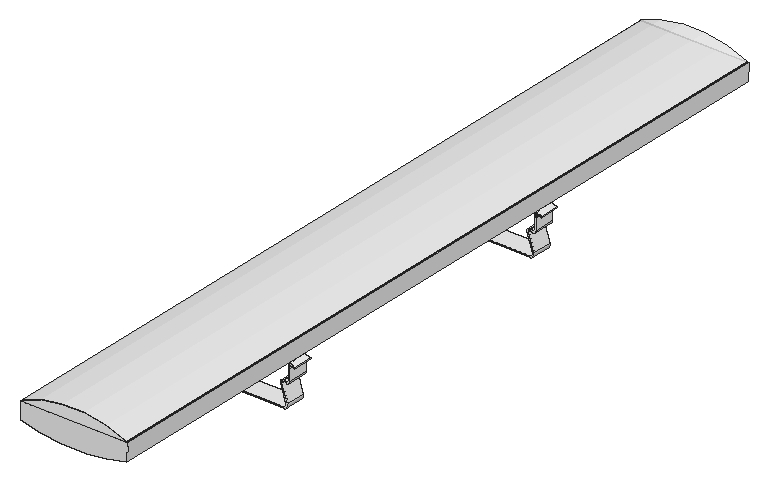
Revit family "Lighting-Industrial-GEWISS-SMART[3]PLUS-WATERTIGHT-LED_TRANSPARENT_800mm", category Apparecchi per illuminazione, host Superficie, Revit 2019
Family settings
  Host = Superficie
  Quota connettore circolare = Usa diametro
  Tipo di parte = Normale
  Taglio con vuoti quando caricato = No
  Sorgente d'illuminazione = Sì
  Condiviso = No
  Punto di calcolo locali = No
Parameters (values of type "GWS3123AT957 - SMART3 PLUS 800 T.W.DALI HE TRASP 9 57")
  Working temperature = "-25 +50 °C"
  Weight (kg): = ""
  Wattage = 27 W
  Warranty = "5 years"
  Voltage = "220-240 V "
  Visibilità simbolo [instance] = yes
  Visibilità pianta [instance] = not(Visibilità simbolo)  # no
  Visibilita_etichetta [instance] = yes
  Version file RFA = "20.0"
  Variazione temperatura colore lampada con luminosità attenuata = (empty or 0)
  URL = "https://www.gewiss.com/ww/en"
  Typology = "DALI"
  Type of light source = "LED - Not replaceable"
  Technical sheet = "https://www.gewiss.com/ww/en/search?q=GWS3123AT957"
  System power = "26 W"
  Shock resistance = "IK08"
  Shield type = "Transparent"
  SEO = "Ceiling"
  Realized by GEWISS S.p.A. = ""
  Operating temperature: = "-25 +50 °C"
  Numero poli = 2
  built-in parameter 1150107 = 5700 (stored number, unit not read)
  Struttura = GEWISS - SMART 3 - GRIGIO
  Stampa 1_200 = no
  Stampa 1_100 = not(Stampa 1_200)  # yes
  Spostamento_Y_etichetta [instance] = 0 mm
  Spostamento_Y_effettivo_etichetta [instance] = 1500 mm - Spostamento_Y_etichetta  # 1500 mm
  Spostamento_X_etichetta [instance] = 0 mm
  Spostamento_X_effettivo_etichetta [instance] = 1500 mm - Spostamento_X_etichetta  # 1500 mm
  Schermo. = Gewiss - Led Acceso
  Default Elevation = 1219.2 mm
  Produttore = "GEWISS S.p.A."
  built-in parameter 1150110 = 1 (stored number, unit not read)
  built-in parameter 1150109 = 1 (stored number, unit not read)
  built-in parameter 1114218 = 1 (stored number, unit not read)
  built-in parameter 1150112 = 1 (stored number, unit not read)
  Nominal flux (lm) = ""
  No. LED (#) = ""
  Modello = "GWS3123AT957"
  built-in parameter 1150137 = (empty or 0)
  built-in parameter 1150132 = (empty or 0)
  Lunghezza Lampada = 800 mm  # constant formula
  Lumen output (lm) = "3100"
  Length = "800 mm"
  Lampada = "LED"
  Lamp = "LED"
  LED LifeTime (L80B20) = ""
  LED Life time (L80B50) = ""
  LED Life time (L70) = ""
  LED Life Time (L90B50) = ""
  built-in parameter 1150105 = 1406.7 (stored number, unit not read)
  built-in parameter 1150102 = (empty or 0)
  Insulation class = "II"
  Immagine tipo = GWS3236TC.jpg
  built-in parameter 1150106 = 14.067 (stored number, unit not read)
  IP degree = "IP66/IP69"
  IFC.TypeObject = ""
  IFC.ExportType = ""
  IFC.ExportAs = ""
  IDT = "a7a40100-d365-495d-870d-5573c78dcb86"
  IDF = "d9498619-7e87-423a-8f78-a261baa5849d"
  Glow Wire Test = "850°C"
  Ganci = GEWISS  - ALLUMINIO
  Lumens = 4010.63 lm
  Color Filter = 16777215
  File diagramma fotometrico = "GWS3123AT957.IES"
  built-in parameter 1114217 = 1 (stored number, unit not read)
  built-in parameter 1150139 = (empty or 0)
  Failure rate apparecchio (50.000h, Tq=25Â° C) = ""
  Failure rate apparecchio (35.000h, Tq=35Â° C) = ""
  Emetti da lunghezza linea = 700 mm
  Electrocod = "2434"
  Efficiency class of integrated LEDs = "A ÷ A++"
  built-in parameter 1150104 = 13.8 (stored number, unit not read)
  EAN code = ""
  Driver type = ""
  built-in parameter 1150115 = 1 (stored number, unit not read)
  built-in parameter 1150114 = 1 (stored number, unit not read)
  built-in parameter 1150113 = 1 (stored number, unit not read)
  Device with reduced surface temperature = ""
  Descrizione = "SMART3 PLUS 800 T.W.DALI HE TRASP 9 57"
  D_simbolo = 128.545 mm
  Commenti sul wattaggio = "35W"
  Colour temperature: = "5700 K (CRI > 90)"
  Colour temperature = "5700 K (CRI > 90)"
  built-in parameter 1150134 = (empty or 0)
  built-in parameter 1150138 = (empty or 0)
  Catalogue Range = "SMART[3] PLUS"
  Catalogue = "LIGHTING"
  Carico apparente = 35 VA
  COBie.Tagnumber = ""
  COBie.CreatedOn = ""
  COBie.CreatebBy = ""
  COBie.ComponentRegisterItemID = ""
  COBie.Component.TagNumber = ""
  COBie.Component.Space = ""
  COBie.Component.SerialNumber = ""
  COBie.Component.InstallationDate = ""
  COBie.Component.Description = ""
  COBie.Component.BarCode = ""
  Application = "Indoor"
  Tilt Angle = -90.00°
  built-in parameter 1150133 = 10 (stored number, unit not read)
Types (24, lengths in mm): name | Typology | Technical sheet | System power | Modello | Lumen output (lm) | Immagine tipo | IDT | File diagramma fotometrico | Descrizione | D_simbolo | Commenti sul wattaggio | Colour temperature: | Colour temperature | Carico apparente
  GWS3120AT830 - SMART3 PLUS 800 ON/OFF HE TRASP 8 30 | "" | "https://www.gewiss.com/ww/en/search?q=GWS3120AT830" | "25 W" | "GWS3120AT830" | "3700" | GWS3118T.jpg | "a6fe8235-04c2-4e2c-b239-050baa2d943e" | "GWS3120AT830.IES" | "SMART3 PLUS 800 ON/OFF HE TRASP 8 30" | 150 | "15W" | "3000 K (CRI > 80)" | "3000 K (CRI > 80)" | 15 VA
  GWS3120AT840 - SMART3 PLUS 800 ON/OFF HE TRASP 8 40 | "" | "https://www.gewiss.com/ww/en/search?q=GWS3120AT840" | "25 W" | "GWS3120AT840" | "3900" | GWS3118T30K.jpg | "31031c67-3ece-42c6-9e78-712e8d5573a3" | "GWS3120AT840.IES" | "SMART3 PLUS 800 ON/OFF HE TRASP 8 40" | 128.545 | "15W" | "4000 K (CRI > 80)" | "4000 K (CRI > 80)" | 15 VA
  GWS3120AT857 - SMART3 PLUS 800 ON/OFF HE TRASP 8 57 | "" | "https://www.gewiss.com/ww/en/search?q=GWS3120AT857" | "25 W" | "GWS3120AT857" | "3900" | GWS3118T57K.jpg | "87c03e1c-39d0-4fea-99e3-36d0dd80df9a" | "GWS3120AT857.IES" | "SMART3 PLUS 800 ON/OFF HE TRASP 8 57" | 128.545 | "15W" | "5700 K (CRI > 80)" | "5700 K (CRI > 80)" | 15 VA
  GWS3120AT957 - SMART3 PLUS 800 ON/OFF HE TRASP 9 57 | "" | "https://www.gewiss.com/ww/en/search?q=GWS3120AT957" | "25 W" | "GWS3120AT957" | "3100" | GWS3218T.jpg | "376f2240-7928-4304-8ee8-6b30937b8570" | "GWS3120AT957.IES" | "SMART3 PLUS 800 ON/OFF HE TRASP 9 57" | 128.545 | "26W" | "5700 K (CRI > 90)" | "5700 K (CRI > 90)" | 26 VA
  GWS3121AT830 - SMART3 PLUS 800 DALI HE TRASP 8 30 | "DALI" | "https://www.gewiss.com/ww/en/search?q=GWS3121AT830" | "26 W" | "GWS3121AT830" | "3700" | GWS3218T30K.jpg | "40040d5d-e7c3-414e-beb1-d82b1a3f305c" | "GWS3121AT830.IES" | "SMART3 PLUS 800 DALI HE TRASP 8 30" | 128.545 | "26W" | "3000 K (CRI > 80)" | "3000 K (CRI > 80)" | 26 VA
  GWS3121AT840 - SMART3 PLUS 800 DALI HE TRASP 8 40 | "DALI" | "https://www.gewiss.com/ww/en/search?q=GWS3121AT840" | "26 W" | "GWS3121AT840" | "3900" | GWS3218T57K.jpg | "b15cbee4-18f3-4bad-a364-a41863a21c8b" | "GWS3121AT840.IES" | "SMART3 PLUS 800 DALI HE TRASP 8 40" | 128.545 | "26W" | "4000 K (CRI > 80)" | "4000 K (CRI > 80)" | 26 VA
  GWS3120AT930 - SMART3 PLUS 800 ON/OFF HE TRASP 9 30 | "" | "https://www.gewiss.com/ww/en/search?q=GWS3120AT930" | "25 W" | "GWS3120AT930" | "2900" | GWS3118TD30K.jpg | "ccb922e3-1790-463d-b7a4-f72926e0e26d" | "GWS3120AT930.IES" | "SMART3 PLUS 800 ON/OFF HE TRASP 9 30" | 128.545 | "18W" | "3000 K (CRI > 90)" | "3000 K (CRI > 90)" | 18 VA
  GWS3120AT940 - SMART3 PLUS 800 ON/OFF HE TRASP 9 40 | "" | "https://www.gewiss.com/ww/en/search?q=GWS3120AT940" | "25 W" | "GWS3120AT940" | "3100" | GWS3118TD57K.jpg | "6c63370c-6ad0-4211-aee6-e0aea1ea31d3" | "GWS3120AT940.IES" | "SMART3 PLUS 800 ON/OFF HE TRASP 9 40" | 128.545 | "18W" | "4000 K (CRI > 90)" | "4000 K (CRI > 90)" | 18 VA
  GWS3121AT930 - SMART3 PLUS 800 DALI HE TRASP 9 30 | "DALI" | "https://www.gewiss.com/ww/en/search?q=GWS3121AT930" | "26 W" | "GWS3121AT930" | "2900" | GWS3218TD.jpg | "82d811b6-2af1-4f18-bb23-1a8b3a58a5ef" | "GWS3121AT930.IES" | "SMART3 PLUS 800 DALI HE TRASP 9 30" | 128.545 | "27W" | "3000 K (CRI > 90)" | "3000 K (CRI > 90)" | 27 VA
  GWS3121AT857 - SMART3 PLUS 800 DALI HE TRASP 8 57 | "DALI" | "https://www.gewiss.com/ww/en/search?q=GWS3121AT857" | "26 W" | "GWS3121AT857" | "3900" | GWS3218TD30K.jpg | "1764fd3f-21c9-4a37-a5f1-89995dd3feee" | "GWS3121AT857.IES" | "SMART3 PLUS 800 DALI HE TRASP 8 57" | 128.545 | "27W" | "5700 K (CRI > 80)" | "5700 K (CRI > 80)" | 27 VA
  GWS3121AT940 - SMART3 PLUS 800 DALI HE TRASP 9 40 | "DALI" | "https://www.gewiss.com/ww/en/search?q=GWS3121AT940" | "26 W" | "GWS3121AT940" | "3100" | GWS3218TD57K.jpg | "3b598cfe-338b-4796-a962-cfbf75ff9cd0" | "GWS3121AT940.IES" | "SMART3 PLUS 800 DALI HE TRASP 9 40" | 128.545 | "27W" | "4000 K (CRI > 90)" | "4000 K (CRI > 90)" | 27 VA
  GWS3121AT957 - SMART3 PLUS 800 DALI HE TRASP 9 57 | "DALI" | "https://www.gewiss.com/ww/en/search?q=GWS3121AT957" | "26 W" | "GWS3121AT957" | "3100" | GWS3236TC.jpg | "7e03bbc3-ff8d-4398-8221-30efe948833e" | "GWS3121AT957.IES" | "SMART3 PLUS 800 DALI HE TRASP 9 57" | 128.545 | "35W" | "5700 K (CRI > 90)" | "5700 K (CRI > 90)" | 35 VA
  GWS3122AT830 - SMART3 PLUS 800 T.W.ON/OFF HE TRASP 8 30 | "" | "https://www.gewiss.com/ww/en/search?q=GWS3122AT830" | "25 W" | "GWS3122AT830" | "3700" | GWS3236TC.jpg | "20d84ef7-80bc-4729-b988-58c8c708f4cc" | "GWS3122AT830.IES" | "SMART3 PLUS 800 T.W.ON/OFF HE TRASP 8 30" | 128.545 | "35W" | "3000 K (CRI > 80)" | "3000 K (CRI > 80)" | 35 VA
  GWS3122AT840 - SMART3 PLUS 800 T.W.ON/OFF HE TRASP 8 40 | "" | "https://www.gewiss.com/ww/en/search?q=GWS3122AT840" | "25 W" | "GWS3122AT840" | "3900" | GWS3236TC.jpg | "e4470ab1-9454-4ad5-9d22-49c0d0c4e6e8" | "GWS3122AT840.IES" | "SMART3 PLUS 800 T.W.ON/OFF HE TRASP 8 40" | 128.545 | "35W" | "4000 K (CRI > 80)" | "4000 K (CRI > 80)" | 35 VA
  GWS3122AT857 - SMART3 PLUS 800 T.W.ON/OFF HE TRASP 8 57 | "" | "https://www.gewiss.com/ww/en/search?q=GWS3122AT857" | "25 W" | "GWS3122AT857" | "3900" | GWS3236TC.jpg | "6ee1a39a-5677-4294-b868-90c6ff03a835" | "GWS3122AT857.IES" | "SMART3 PLUS 800 T.W.ON/OFF HE TRASP 8 57" | 128.545 | "35W" | "5700 K (CRI > 80)" | "5700 K (CRI > 80)" | 35 VA
  GWS3122AT930 - SMART3 PLUS 800 T.W.ON/OFF HE TRASP 9 30 | "" | "https://www.gewiss.com/ww/en/search?q=GWS3122AT930" | "25 W" | "GWS3122AT930" | "2900" | GWS3236TC.jpg | "6865c886-efc7-48ca-a871-b242f317a99c" | "GWS3122AT930.IES" | "SMART3 PLUS 800 T.W.ON/OFF HE TRASP 9 30" | 128.545 | "35W" | "3000 K (CRI > 90)" | "3000 K (CRI > 90)" | 35 VA
  GWS3122AT940 - SMART3 PLUS 800 T.W.ON/OFF HE TRASP 9 40 | "" | "https://www.gewiss.com/ww/en/search?q=GWS3122AT940" | "25 W" | "GWS3122AT940" | "3100" | GWS3236TC.jpg | "78905fa9-9ac2-46ea-a208-1dff689d54ac" | "GWS3122AT940.IES" | "SMART3 PLUS 800 T.W.ON/OFF HE TRASP 9 40" | 128.545 | "35W" | "4000 K (CRI > 90)" | "4000 K (CRI > 90)" | 35 VA
  GWS3122AT957 - SMART3 PLUS 800 T.W.ON/OFF HE TRASP 9 57 | "" | "https://www.gewiss.com/ww/en/search?q=GWS3122AT957" | "25 W" | "GWS3122AT957" | "3100" | GWS3236TC.jpg | "d09a2876-dd0e-4098-9731-692acce1bb28" | "GWS3122AT957.IES" | "SMART3 PLUS 800 T.W.ON/OFF HE TRASP 9 57" | 128.545 | "35W" | "5700 K (CRI > 90)" | "5700 K (CRI > 90)" | 35 VA
  GWS3123AT830 - SMART3 PLUS 800 T.W.DALI HE TRASP 8 30 | "DALI" | "https://www.gewiss.com/ww/en/search?q=GWS3123AT830" | "26 W" | "GWS3123AT830" | "3700" | GWS3236TC.jpg | "f1c13237-80cf-46b9-902d-5fb2799dc647" | "GWS3123AT830.IES" | "SMART3 PLUS 800 T.W.DALI HE TRASP 8 30" | 128.545 | "35W" | "3000 K (CRI > 80)" | "3000 K (CRI > 80)" | 35 VA
  GWS3123AT840 - SMART3 PLUS 800 T.W.DALI HE TRASP 8 40 | "DALI" | "https://www.gewiss.com/ww/en/search?q=GWS3123AT840" | "26 W" | "GWS3123AT840" | "3900" | GWS3236TC.jpg | "76e3c34f-cb34-40ee-95ba-7c5db8932a4a" | "GWS3123AT840.IES" | "SMART3 PLUS 800 T.W.DALI HE TRASP 8 40" | 128.545 | "35W" | "4000 K (CRI > 80)" | "4000 K (CRI > 80)" | 35 VA
  GWS3123AT857 - SMART3 PLUS 800 T.W.DALI HE TRASP 8 57 | "DALI" | "https://www.gewiss.com/ww/en/search?q=GWS3123AT857" | "26 W" | "GWS3123AT857" | "3900" | GWS3236TC.jpg | "a17ae93b-b191-41b2-bbdf-d0620dd97fbb" | "GWS3123AT857.IES" | "SMART3 PLUS 800 T.W.DALI HE TRASP 8 57" | 128.545 | "35W" | "5700 K (CRI > 80)" | "5700 K (CRI > 80)" | 35 VA
  GWS3123AT930 - SMART3 PLUS 800 T.W.DALI HE TRASP 9 30 | "DALI" | "https://www.gewiss.com/ww/en/search?q=GWS3123AT930" | "26 W" | "GWS3123AT930" | "2900" | GWS3236TC.jpg | "a2f6e6df-babf-4b49-9b4b-f2c6c040c9b9" | "GWS3123AT930.IES" | "SMART3 PLUS 800 T.W.DALI HE TRASP 9 30" | 128.545 | "35W" | "3000 K (CRI > 90)" | "3000 K (CRI > 90)" | 35 VA
  GWS3123AT940 - SMART3 PLUS 800 T.W.DALI HE TRASP 9 40 | "DALI" | "https://www.gewiss.com/ww/en/search?q=GWS3123AT940" | "26 W" | "GWS3123AT940" | "3100" | GWS3236TC.jpg | "76c526ca-4404-4c06-bc31-2b643f886f91" | "GWS3123AT940.IES" | "SMART3 PLUS 800 T.W.DALI HE TRASP 9 40" | 128.545 | "35W" | "4000 K (CRI > 90)" | "4000 K (CRI > 90)" | 35 VA
  GWS3123AT957 - SMART3 PLUS 800 T.W.DALI HE TRASP 9 57 | "DALI" | "https://www.gewiss.com/ww/en/search?q=GWS3123AT957" | "26 W" | "GWS3123AT957" | "3100" | GWS3236TC.jpg | "a7a40100-d365-495d-870d-5573c78dcb86" | "GWS3123AT957.IES" | "SMART3 PLUS 800 T.W.DALI HE TRASP 9 57" | 128.545 | "35W" | "5700 K (CRI > 90)" | "5700 K (CRI > 90)" | 35 VA
Reference planes
  plane 1 "Centro (Fronte/Retro)": y = 0
  plane 2: z = 0
  plane 3 "Centro (Sinistra/Destra)": x = 0
  plane 4: x = -1500
  plane 5: y = -1500
  plane 6: x = 0
  plane 7: y = 0
Forms (mm)
  Extrusion 1, solid, material "GEWISS  - ALLUMINIO" <- "Ganci", detail levels medium+fine
    sketch origin (0, 0, 0) x (1, 0, 0) y (0, 0, 1)
      loop
        arc (31.431, -0.002) -> (34.576, 1.589) -> (35.156, 5.066) r 3.903
        line (35.156, 5.066) -> (29.612, 23.211)
        arc (29.612, 23.211) -> (29.883, 24.381) -> (31.032, 24.73) r 1.2
        line (31.032, 24.73) -> (34.307, 23.974)
        arc (34.307, 23.974) -> (36.765, 24.53) -> (37.859, 26.8) r 2.9
        line (37.859, 26.8) -> (37.859, 38.8)
        arc (37.859, 38.8) -> (37.648, 39.694) -> (37.059, 40.4) r 2
        line (37.059, 40.4) -> (37.059, 42.71) -> (42.861, 40.598) -> (43.203, 41.538) -> (37.53, 43.603)
        arc (37.53, 43.603) -> (37.019, 43.613) -> (36.605, 43.311) r 0.8
        line (36.605, 43.311) -> (36.306, 26.139)
        arc (36.306, 26.139) -> (35.6, 25.444) -> (34.616, 25.34) r 1.5
        line (34.616, 25.34) -> (31.344, 26.095)
        arc (31.344, 26.095) -> (28.858, 25.335) -> (28.273, 22.802) r 2.6
        line (28.273, 22.802) -> (33.827, 4.636)
        arc (33.827, 4.636) -> (33.449, 2.415) -> (31.438, 1.4) r 2.5
        line (31.438, 1.4) -> (-31.437, 1.4)
        arc (-31.437, 1.4) -> (-33.449, 2.415) -> (-33.827, 4.636) r 2.5
        line (-33.827, 4.636) -> (-28.273, 22.802)
        arc (-28.273, 22.802) -> (-28.858, 25.335) -> (-31.344, 26.095) r 2.6
        line (-31.344, 26.095) -> (-34.616, 25.34)
        arc (-34.616, 25.34) -> (-35.6, 25.444) -> (-36.306, 26.139) r 1.5
        line (-36.306, 26.139) -> (-36.605, 43.311)
        arc (-36.605, 43.311) -> (-37.019, 43.613) -> (-37.53, 43.603) r 0.8
        line (-37.53, 43.603) -> (-43.203, 41.538) -> (-42.861, 40.598) -> (-37.059, 42.71) -> (-37.059, 40.4)
        arc (-37.059, 40.4) -> (-37.648, 39.694) -> (-37.859, 38.8) r 2
        line (-37.859, 38.8) -> (-37.859, 26.8)
        arc (-37.859, 26.8) -> (-36.765, 24.53) -> (-34.307, 23.974) r 2.9
        line (-34.307, 23.974) -> (-31.032, 24.73)
        arc (-31.032, 24.73) -> (-29.883, 24.381) -> (-29.612, 23.211) r 1.2
        line (-29.612, 23.211) -> (-35.156, 5.066)
        arc (-35.156, 5.066) -> (-34.576, 1.589) -> (-31.431, -0.002) r 3.903
        line (-31.431, -0.002) -> (31.431, -0.002)
    from 148.766 to 168.766
  Extrusion 2, solid, material "GEWISS  - ALLUMINIO" <- "Ganci", detail levels medium+fine
    sketch origin (0, 0, 0) x (1, 0, 0) y (0, 0, -1)
      loop
        line (31.431, 0.002) -> (-31.431, 0.002)
        arc (-31.431, 0.002) -> (-34.576, -1.589) -> (-35.156, -5.066) r 3.903
        line (-35.156, -5.066) -> (-29.612, -23.211)
        arc (-29.612, -23.211) -> (-29.883, -24.381) -> (-31.032, -24.73) r 1.2
        line (-31.032, -24.73) -> (-34.307, -23.974)
        arc (-34.307, -23.974) -> (-36.765, -24.53) -> (-37.859, -26.8) r 2.9
        line (-37.859, -26.8) -> (-37.859, -38.8)
        arc (-37.859, -38.8) -> (-37.648, -39.694) -> (-37.059, -40.4) r 2
        line (-37.059, -40.4) -> (-37.059, -42.71) -> (-42.861, -40.598) -> (-43.203, -41.538) -> (-37.53, -43.603)
        arc (-37.53, -43.603) -> (-37.019, -43.613) -> (-36.605, -43.311) r 0.8
        line (-36.605, -43.311) -> (-36.306, -26.139)
        arc (-36.306, -26.139) -> (-35.6, -25.444) -> (-34.616, -25.34) r 1.5
        line (-34.616, -25.34) -> (-31.344, -26.095)
        arc (-31.344, -26.095) -> (-28.858, -25.335) -> (-28.273, -22.802) r 2.6
        line (-28.273, -22.802) -> (-33.827, -4.636)
        arc (-33.827, -4.636) -> (-33.449, -2.415) -> (-31.437, -1.4) r 2.5
        line (-31.437, -1.4) -> (31.438, -1.4)
        arc (31.438, -1.4) -> (33.449, -2.415) -> (33.827, -4.636) r 2.5
        line (33.827, -4.636) -> (28.273, -22.802)
        arc (28.273, -22.802) -> (28.858, -25.335) -> (31.344, -26.095) r 2.6
        line (31.344, -26.095) -> (34.616, -25.34)
        arc (34.616, -25.34) -> (35.6, -25.444) -> (36.306, -26.139) r 1.5
        line (36.306, -26.139) -> (36.605, -43.311)
        arc (36.605, -43.311) -> (37.019, -43.613) -> (37.53, -43.603) r 0.8
        line (37.53, -43.603) -> (43.203, -41.538) -> (42.861, -40.598) -> (37.059, -42.71) -> (37.059, -40.4)
        arc (37.059, -40.4) -> (37.648, -39.694) -> (37.859, -38.8) r 2
        line (37.859, -38.8) -> (37.859, -26.8)
        arc (37.859, -26.8) -> (36.765, -24.53) -> (34.307, -23.974) r 2.9
        line (34.307, -23.974) -> (31.032, -24.73)
        arc (31.032, -24.73) -> (29.883, -24.381) -> (29.612, -23.211) r 1.2
        line (29.612, -23.211) -> (35.156, -5.066)
        arc (35.156, -5.066) -> (34.576, -1.589) -> (31.431, 0.002) r 3.903
    from 148.766 to 168.766
  Extrusion 3, solid, material "GEWISS - SMART 3 - GRIGIO" <- "Struttura", visible <- "Visibilità pianta", detail levels medium+fine
    sketch origin (0, 0, 0) x (1, 0, 0) y (0, 0, 1)
      loop
        line (-36.331, 55.757) -> (-35.847, 28.018)
        arc (-35.847, 28.018) -> (-33.139, 27.27) -> (-30.416, 26.58) r 129.5
        arc (-30.416, 26.58) -> (-28.066, 25.76) -> (-25.915, 24.506) r 13
        arc (-25.915, 24.506) -> (-24.23, 23.324) -> (-22.521, 22.178) r 99.5
        arc (-22.521, 22.178) -> (-16.401, 19.063) -> (-9.748, 17.365) r 31.146
        line (-9.748, 17.365) -> (12.491, 17.365)
        arc (12.491, 17.365) -> (17.822, 19.098) -> (22.764, 21.745) r 31.646
        arc (22.764, 21.745) -> (24.509, 22.915) -> (26.228, 24.122) r 100
        arc (26.228, 24.122) -> (28.283, 25.313) -> (30.525, 26.095) r 12.5
        arc (30.525, 26.095) -> (33.437, 26.834) -> (36.332, 27.64) r 130
        line (36.332, 27.64) -> (36.824, 55.851)
        arc (36.824, 55.851) -> (24.914, 53.937) -> (12.909, 52.764) r 195.047
        line (12.909, 52.764) -> (-12.909, 52.764)
        arc (-12.909, 52.764) -> (-24.665, 53.905) -> (-36.331, 55.757) r 195.047
    from -250 to 250
  Extrusion 4, solid, material "GEWISS - SMART 3 - GRIGIO" <- "Struttura", detail levels medium+fine
    sketch origin (0, 0, 0) x (1, 0, 0) y (0, 0, 1)
      loop
        line (54.725, 60.184) -> (55.177, 77.445) -> (-55.177, 77.445) -> (-54.725, 60.184)
        arc (-54.725, 60.184) -> (-34.019, 55.332) -> (-12.909, 52.764) r 195.047
        line (-12.909, 52.764) -> (12.909, 52.764)
        arc (12.909, 52.764) -> (34.019, 55.332) -> (54.725, 60.184) r 195.047
    from -400 to 400
  Extrusion 5, solid, material "Gewiss - Led Acceso" <- "Schermo.", detail levels medium+fine
    sketch origin (0, 0, 0) x (1, 0, 0) y (0, 0, 1)
      loop
        arc (54.697, 78.441) -> (-0.014, 90.457) -> (-54.723, 78.429) r 130.5
        arc (-54.723, 78.429) -> (-54.988, 77.838) -> (-54.5, 77.445) r 0.5
        line (-54.5, 77.445) -> (54.479, 77.445)
        arc (54.479, 77.445) -> (54.988, 77.855) -> (54.697, 78.441) r 0.522
    from -400 to 400
  Extrusion 6, solid, material "GEWISS - SMART 3 - GRIGIO" <- "Struttura", detail levels coarse
    sketch origin (0, 0, 0) x (1, 0, 0) y (0, 0, 1)
      loop
        line (-54.5, 90.439) -> (-54.5, 0) -> (54.5, 0) -> (54.5, 90.439) -> (-54.5, 90.439)
    from -400 to 400
Lines and regions (mm)
  Masking region 1, visible <- "Visibilità pianta"
    outline origin (0, 0, 0) x (1, 0, 0) y (0, 1, 0)
      loop
        line (-55.177, 400) -> (-55.177, -400) -> (55.177, -400) -> (55.177, 400) -> (-55.177, 400)
  model lines, style "GEWISS - LIGHT 2D", not visible
    curve 1: arc (658.224, 441.447, 0) -> (657.902, 441.529, 0) -> (657.571, 441.558, 0) r 1.999
    curve 2: arc (659.744, 439.503, 0) -> (659.172, 440.906, 0) -> (657.781, 441.505, 0) r 1.998
    curve 3: arc (549.391, -356.494, 0) -> (549.963, -357.897, 0) -> (551.356, -358.495, 0) r 1.998
    curve 4: arc (657.744, -358.495, 0) -> (659.181, -357.627, 0) -> (659.745, -356.046, 0) r 2.5
    curve 5: arc (551.891, 441.558, 0) -> (550.123, 440.825, 0) -> (549.391, 439.058, 0) r 2.5
    curve 6: line (657.571, 441.558, 0) -> (604.567, 441.558, 0)
    curve 7: line (604.567, 441.558, 0) -> (551.891, 441.558, 0)
    curve 8: line (551.356, -358.495, 0) -> (604.568, -358.495, 0)
    curve 9: line (604.568, -358.495, 0) -> (657.744, -358.495, 0)
    curve 10: line (659.745, -356.046, 0) -> (659.745, 439.503, 0)
    curve 11: line (657.781, 441.505, 0) -> (604.567, 441.505, 0)
    curve 12: line (549.391, -356.494, 0) -> (549.391, 439.058, 0)
    curve 13: line (604.569, 276.529, 0) -> (604.569, -193.52, 0)
Dimensions and locks
  plane 4 to plane 3 "Centro (Sinistra/Destra)" = 1500 mm
  "Spostamento_X_effettivo_etichetta": plane 4 to plane 6
  "Spostamento_Y_effettivo_etichetta": plane 7 to plane 5
  plane 1 "Centro (Fronte/Retro)" to plane 5 = 1500 mm
  aligned and locked: plane 2 to host face
  aligned and locked: level to host face
  aligned and locked: plane 6 to nested 1
  aligned and locked: nested 1 to plane 7
  aligned and locked: Masking region 1 sketch curve to Extrusion 4  (x4)
  aligned and locked: plane 3 "Centro (Sinistra/Destra)" to nested 2
  aligned and locked: nested 2 to plane 1 "Centro (Fronte/Retro)"
Automatic sketch dimensions
  host sketch curve to host sketch curve = 2438.4 mm  (x2)
  Extrusion 1 sketch curve to Extrusion 1 sketch curve = 0 mm  (x28)
  Extrusion 1 sketch curve to plane 3 "Centro (Sinistra/Destra)" = 43.203 mm
  level to Extrusion 1 sketch curve = 40.598 mm
  Extrusion 1 sketch curve to Extrusion 1 sketch curve = 0.342 mm  (x2)
  Extrusion 1 sketch curve to Extrusion 1 sketch curve = 5.002 mm  (x2)
  Extrusion 1 sketch curve to Extrusion 1 sketch curve = 0.329 mm
  Extrusion 1 sketch curve to Extrusion 1 sketch curve = 0.271 mm  (x2)
  Extrusion 1 sketch curve to Extrusion 1 sketch curve = 0.8 mm  (x2)
  Extrusion 1 sketch curve to Extrusion 1 sketch curve = 0.454 mm  (x2)
  Extrusion 1 sketch curve to Extrusion 1 sketch curve = 1.554 mm
  Extrusion 1 sketch curve to Extrusion 1 sketch curve = 2 mm
  level to Extrusion 1 sketch curve = 5.066 mm  (x2)
  Extrusion 1 sketch curve to Extrusion 1 sketch curve = 1.15 mm
  Extrusion 1 sketch curve to Extrusion 1 sketch curve = 1.346 mm  (x2)
  Extrusion 1 sketch curve to Extrusion 1 sketch curve = 0.343 mm  (x2)
  level to Extrusion 1 sketch curve = 4.636 mm  (x2)
  Extrusion 1 sketch curve to Extrusion 1 sketch curve = 1.329 mm  (x2)
  level to Extrusion 1 sketch curve = 1.4 mm
  Extrusion 1 sketch curve to Extrusion 1 sketch curve = 2.389 mm  (x2)
  Extrusion 1 sketch curve to Extrusion 1 sketch curve = 0.007 mm  (x2)
  Extrusion 1 sketch curve to Extrusion 1 sketch curve = 3.584 mm  (x2)
  Extrusion 1 sketch curve to Extrusion 1 sketch curve = 0.273 mm  (x2)
  plane 3 "Centro (Sinistra/Destra)" to Extrusion 1 sketch curve = 30.759 mm
  Extrusion 1 sketch curve to level = 0.002 mm
  Extrusion 1 sketch curve to Extrusion 1 sketch curve = 0.672 mm
  Extrusion 1 sketch curve to Extrusion 1 sketch curve = 0.9 mm
  level to Extrusion 1 sketch curve = 26.139 mm
  Extrusion 1 sketch curve to Extrusion 1 sketch curve = 0.746 mm
  Extrusion 1 sketch curve to Extrusion 1 sketch curve = 0.2 mm
  Extrusion 1 sketch curve to Extrusion 1 sketch curve = 2.577 mm
  Extrusion 1 sketch curve to Extrusion 1 sketch curve = 18.496 mm
  Extrusion 1 sketch curve to Extrusion 1 sketch curve = 1.169 mm  (x2)
  Extrusion 1 sketch curve to Extrusion 1 sketch curve = 0.799 mm  (x2)
  Extrusion 1 sketch curve to Extrusion 1 sketch curve = 0.609 mm
  Extrusion 1 sketch curve to Extrusion 1 sketch curve = 1.798 mm  (x2)
  Extrusion 1 sketch curve to Extrusion 1 sketch curve = 12 mm
  Extrusion 1 sketch curve to Extrusion 1 sketch curve = 0.94 mm  (x2)
  Extrusion 1 sketch curve to Extrusion 1 sketch curve = 0.14 mm  (x2)
  Extrusion 1 sketch curve to Extrusion 1 sketch curve = 0.309 mm  (x2)
  Extrusion 1 sketch curve to Extrusion 1 sketch curve = 0.312 mm  (x2)
  Extrusion 1 sketch curve to Extrusion 1 sketch curve = 1.148 mm  (x2)
  Extrusion 1 sketch curve to Extrusion 1 sketch curve = 1.339 mm
  Extrusion 1 sketch curve to Extrusion 1 sketch curve = 2.486 mm
  Extrusion 1 sketch curve to Extrusion 1 sketch curve = 0.409 mm  (x2)
  Extrusion 2 sketch curve to Extrusion 2 sketch curve = 0 mm  (x28)
  Extrusion 2 sketch curve to plane 3 "Centro (Sinistra/Destra)" = 43.203 mm
  level to Extrusion 2 sketch curve = 40.598 mm
  Extrusion 2 sketch curve to Extrusion 2 sketch curve = 0.342 mm  (x2)
  Extrusion 2 sketch curve to Extrusion 2 sketch curve = 5.002 mm  (x2)
  Extrusion 2 sketch curve to Extrusion 2 sketch curve = 0.329 mm
  Extrusion 2 sketch curve to Extrusion 2 sketch curve = 0.271 mm  (x2)
  Extrusion 2 sketch curve to Extrusion 2 sketch curve = 0.8 mm  (x2)
  Extrusion 2 sketch curve to Extrusion 2 sketch curve = 0.454 mm  (x2)
  Extrusion 2 sketch curve to Extrusion 2 sketch curve = 1.554 mm
  Extrusion 2 sketch curve to Extrusion 2 sketch curve = 2 mm
  level to Extrusion 2 sketch curve = 5.066 mm  (x2)
  Extrusion 2 sketch curve to Extrusion 2 sketch curve = 1.15 mm
  Extrusion 2 sketch curve to Extrusion 2 sketch curve = 1.346 mm  (x2)
  Extrusion 2 sketch curve to Extrusion 2 sketch curve = 0.343 mm  (x2)
  level to Extrusion 2 sketch curve = 4.636 mm  (x2)
  Extrusion 2 sketch curve to Extrusion 2 sketch curve = 1.329 mm  (x2)
  level to Extrusion 2 sketch curve = 1.4 mm
  Extrusion 2 sketch curve to Extrusion 2 sketch curve = 2.389 mm  (x2)
  Extrusion 2 sketch curve to Extrusion 2 sketch curve = 0.007 mm  (x2)
  Extrusion 2 sketch curve to Extrusion 2 sketch curve = 3.584 mm  (x2)
  Extrusion 2 sketch curve to Extrusion 2 sketch curve = 0.273 mm  (x2)
  plane 3 "Centro (Sinistra/Destra)" to Extrusion 2 sketch curve = 30.759 mm
  Extrusion 2 sketch curve to level = 0.002 mm
  Extrusion 2 sketch curve to Extrusion 2 sketch curve = 0.672 mm
  Extrusion 2 sketch curve to Extrusion 2 sketch curve = 0.9 mm
  level to Extrusion 2 sketch curve = 26.139 mm
  Extrusion 2 sketch curve to Extrusion 2 sketch curve = 0.746 mm
  Extrusion 2 sketch curve to Extrusion 2 sketch curve = 0.2 mm
  Extrusion 2 sketch curve to Extrusion 2 sketch curve = 14.46 mm
  Extrusion 2 sketch curve to Extrusion 2 sketch curve = 0.94 mm  (x2)
  Extrusion 2 sketch curve to Extrusion 2 sketch curve = 0.14 mm  (x2)
  Extrusion 2 sketch curve to Extrusion 2 sketch curve = 2.31 mm  (x2)
  Extrusion 2 sketch curve to Extrusion 2 sketch curve = 12 mm
  Extrusion 2 sketch curve to Extrusion 2 sketch curve = 0.661 mm  (x2)
  Extrusion 2 sketch curve to Extrusion 2 sketch curve = 0.609 mm  (x2)
  Extrusion 2 sketch curve to Extrusion 2 sketch curve = 1.169 mm  (x2)
  Extrusion 2 sketch curve to Extrusion 2 sketch curve = 0.309 mm  (x2)
  Extrusion 2 sketch curve to Extrusion 2 sketch curve = 0.312 mm  (x2)
  Extrusion 2 sketch curve to Extrusion 2 sketch curve = 1.148 mm  (x2)
  Extrusion 2 sketch curve to Extrusion 2 sketch curve = 1.339 mm
  Extrusion 2 sketch curve to Extrusion 2 sketch curve = 2.486 mm
  Extrusion 2 sketch curve to Extrusion 2 sketch curve = 1.365 mm  (x2)
  Extrusion 3 sketch curve to plane 3 "Centro (Sinistra/Destra)" = 36.331 mm
  Extrusion 3 sketch curve to Extrusion 3 sketch curve = 0.484 mm
  Extrusion 3 sketch curve to Extrusion 3 sketch curve = 2.34 mm
  Extrusion 3 sketch curve to plane 3 "Centro (Sinistra/Destra)" = 32.068 mm
  Extrusion 3 sketch curve to plane 3 "Centro (Sinistra/Destra)" = 12.909 mm
  Extrusion 3 sketch curve to plane 3 "Centro (Sinistra/Destra)" = 9.748 mm
  Extrusion 3 sketch curve to plane 3 "Centro (Sinistra/Destra)" = 5.421 mm
  Extrusion 3 sketch curve to plane 3 "Centro (Sinistra/Destra)" = 0.057 mm
  Extrusion 3 sketch curve to plane 3 "Centro (Sinistra/Destra)" = 0.007 mm
  Extrusion 3 sketch curve to plane 3 "Centro (Sinistra/Destra)" = 0.001 mm
  plane 3 "Centro (Sinistra/Destra)" to Extrusion 3 sketch curve = 0.057 mm
  plane 3 "Centro (Sinistra/Destra)" to Extrusion 3 sketch curve = 5.412 mm
  plane 3 "Centro (Sinistra/Destra)" to Extrusion 3 sketch curve = 12.491 mm
  Extrusion 3 sketch curve to Extrusion 3 sketch curve = 7.496 mm
  plane 3 "Centro (Sinistra/Destra)" to Extrusion 3 sketch curve = 32.059 mm
  Extrusion 3 sketch curve to Extrusion 3 sketch curve = 21.008 mm
  Extrusion 3 sketch curve to Extrusion 3 sketch curve = 2.833 mm
  Extrusion 3 sketch curve to Extrusion 3 sketch curve = 23.916 mm
  level to Extrusion 3 sketch curve = 13.953 mm  (x2)
  level to Extrusion 3 sketch curve = 17.365 mm  (x2)
  Extrusion 3 sketch curve to Extrusion 3 sketch curve = 13.687 mm
  Extrusion 3 sketch curve to Extrusion 3 sketch curve = 14.064 mm
  Extrusion 3 sketch curve to Extrusion 3 sketch curve = 30.844 mm
  Extrusion 3 sketch curve to Extrusion 3 sketch curve = 0 mm  (x3)
  Extrusion 3 sketch curve to Extrusion 3 sketch curve = 4.555 mm
  Extrusion 3 sketch curve to Extrusion 3 sketch curve = 2.993 mm
  Extrusion 3 sketch curve to Extrusion 3 sketch curve = 3.087 mm
  Extrusion 3 sketch curve to Extrusion 3 sketch curve = 49.52 mm
  Extrusion 3 sketch curve to Extrusion 3 sketch curve = 49.615 mm
  Extrusion 3 sketch curve to Extrusion 3 sketch curve = 47.089 mm
  Extrusion 3 sketch curve to Extrusion 3 sketch curve = 5.431 mm
  Extrusion 3 sketch curve to Extrusion 3 sketch curve = 4.5 mm
  Extrusion 3 sketch curve to Extrusion 3 sketch curve = 10.273 mm
  Extrusion 3 sketch curve to Extrusion 3 sketch curve = 3.465 mm
  Extrusion 3 sketch curve to Extrusion 3 sketch curve = 4.297 mm
  Extrusion 4 sketch curve to plane 3 "Centro (Sinistra/Destra)" = 55.177 mm
  Extrusion 4 sketch curve to Extrusion 4 sketch curve = 0.452 mm  (x2)
  Extrusion 4 sketch curve to plane 3 "Centro (Sinistra/Destra)" = 12.909 mm
  Extrusion 4 sketch curve to plane 3 "Centro (Sinistra/Destra)" = 0.057 mm
  plane 3 "Centro (Sinistra/Destra)" to Extrusion 4 sketch curve = 0.057 mm
  plane 3 "Centro (Sinistra/Destra)" to Extrusion 4 sketch curve = 12.909 mm
  Extrusion 4 sketch curve to Extrusion 4 sketch curve = 41.816 mm
  level to Extrusion 4 sketch curve = 52.764 mm
  Extrusion 4 sketch curve to Extrusion 4 sketch curve = 7.42 mm  (x2)
  Extrusion 4 sketch curve to Extrusion 4 sketch curve = 17.262 mm
  Extrusion 5 sketch curve to plane 3 "Centro (Sinistra/Destra)" = 0 mm
  Extrusion 5 sketch curve to plane 3 "Centro (Sinistra/Destra)" = 54.5 mm
  plane 3 "Centro (Sinistra/Destra)" to Extrusion 5 sketch curve = 54.479 mm
  Extrusion 5 sketch curve to level = 40.043 mm
  level to Extrusion 5 sketch curve = 77.445 mm
  Extrusion 5 sketch curve to Extrusion 5 sketch curve = 0.5 mm
  Extrusion 5 sketch curve to Extrusion 5 sketch curve = 0.522 mm
  Extrusion 5 sketch curve to Extrusion 5 sketch curve = 0.21 mm
  Extrusion 5 sketch curve to Extrusion 5 sketch curve = 0.014 mm
  Extrusion 5 sketch curve to Extrusion 5 sketch curve = 0 mm
  Extrusion 6 sketch curve to level = 0 mm
  Extrusion 6 sketch curve to plane 3 "Centro (Sinistra/Destra)" = 54.5 mm
  plane 3 "Centro (Sinistra/Destra)" to Extrusion 6 sketch curve = 54.5 mm
  Extrusion 6 sketch curve to Extrusion 6 sketch curve = 90.439 mm
Nested families
  nested 1: "ETICHETTA WATTAGGIO" at (0, 0, 0), visible <- "Visibilita_etichetta", type "ETICHETTA WATTAGGIO"
  nested 2: "SMART 3 PLAFONIERE LED TRASPARENTI 800 mm_Simbolo" at (0, 0, 0) x (0, 1, 0) z (0, 0, 1), visible <- "Visibilità simbolo", type "SMART 3 PLAFONIERE LED TRASPARENTI 800 mm_Simbolo"
Connectors
  electrical at (0, 0, 0), driven by "Carico apparente", driven by "Numero poli"
    settings: on Masking region 1, index 1, voltage 230 V, apparent load 0 VA, apparent load phase1 35 VA, apparent load phase2 0 VA, apparent load phase3 0 VA, power factor 1, load classification "Illuminazione", number of poles 2, system type 31, power factor state 1, is connector primary yes, connector utility no, sub classification motor no, connector description ""
Definition of nested family "ETICHETTA WATTAGGIO"
  Parameters (values of type "ETICHETTA WATTAGGIO")
    GW - Potenza di sistema = ""
    GW - Numero LED = ""
    COMMENTI = "13W"
    1_200 = no
    1_100 = yes
  Reference planes
    plane 1: y = 0
    plane 2: x = 0
  Text (mm)
    label "GW - Potenza di sistema\nGW - Numero LED LED" at (-0.057, -0.214, 0), shows "GW - Potenza di sistema", "GW - Numero LED", visible <- "1_100"
    label "GW - Potenza di sistema\nGW - Numero LED LED " at (-0.057, -0.214, 0), shows "GW - Potenza di sistema", "GW - Numero LED", visible <- "1_200"
Definition of nested family "SMART 3 PLAFONIERE LED TRASPARENTI 800 mm_Simbolo"
  Reference planes
    plane 1 "Centro (Fronte/Retro)": y = 0
    plane 2: z = 0
    plane 3 "Centro (Sinistra/Destra)": x = 0
  Lines and regions (mm)
    detail lines, in view "Livello rif."
      curve 1: line (-256.167, 0, 0) -> (-52.881, 0, 0)
      curve 2: line (291.69, -84.286, 0) -> (-298.31, -84.286, 0)
      curve 3: line (-298.31, -84.286, 0) -> (-298.31, 84.286, 0)
      curve 4: line (-298.31, 84.286, 0) -> (291.69, 84.286, 0)
      curve 5: line (291.69, 84.286, 0) -> (291.69, -84.286, 0)
      curve 6: line (30.063, -41.294, 0) -> (-52.881, 0, 0)
      curve 7: line (-52.881, 0, 0) -> (30.063, 41.791, 0)
      curve 8: line (30.063, 41.791, 0) -> (30.063, -41.294, 0)
      curve 9: line (-52.881, 41.543, 0) -> (-52.881, -41.543, 0)
      curve 10: line (30.063, 0, 0) -> (249.547, 0, 0)
